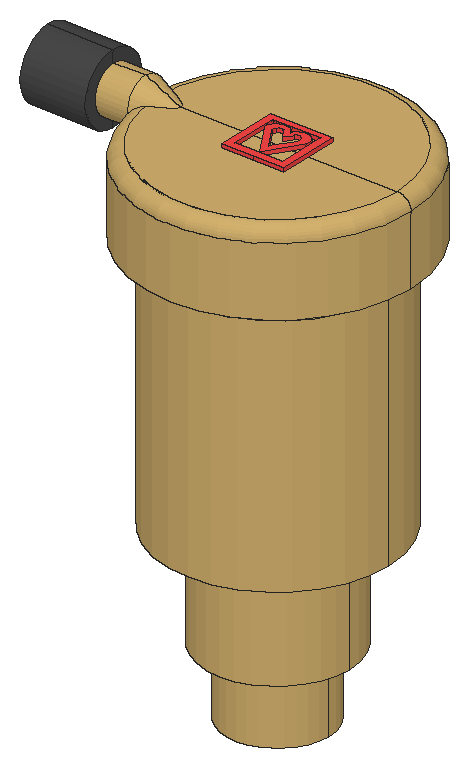
Revit family "Воздухоудалитель с функцией впуска и выпуска воздуха 2630 00 (01)", category Rohrzubehör, Revit 2019
Family settings
  Bemaßung runder Anschluss = Durchmesser verwenden
  Teiletyp = Normal
  OmniClass-Nummer = 23.65.55.14
  OmniClass-Titel = Valves for Liquid Services
  Arbeitsebenenbasiert = Nein
  Immer vertikal = Ja
  Beim Laden mit Abzugskörper schneiden = Nein
  Gemeinsam genutzt = Nein
Parameters
  Номер заказа [instance] = if(Nennweite AG = 10.000 mm, 1263000, if(Nennweite AG = 15.000 mm, 1263001, 0))  # 1263001
  URL = "www.herz-armaturen.ru"
  Поплавок = "полипропилен\r\n"  # constant formula
  SW = 10.500 mm  # constant formula
  SCRNSEQ = "AWI;AWI_TYP=\"1013\";1"
  SCRNCODE = "05;14;01"  # constant formula
  S05 = 25.300 mm  # constant formula
  S04 = SW * 2  # 21.000 mm
  S03 = 11.000 mm  # constant formula
  S02 = 24.500 mm  # constant formula
  S01 = 59.000 mm  # constant formula
  Обратный клапан = "латунь CW617N, EN 12165"  # constant formula
  R01 = 2.000 mm  # constant formula
  Nennweite AG [instance] = 15.000 mm
  Мин. рабочая температура = 0 °C  # constant formula
  Среда = "Качество  теплоносителя в соответствии с ÖNORM H5195 и/или предписаниями VDI-Standard 2035.\nРазрешается использование смеси этилен или пропиленгликоля в соотношении 25-50% с водой. Прокладки EPDM могут быть подвержены воздействию минеральных смазочных масел, что может служить причиной выхода из строя данных уплотнений. Пожалуйста, обратитесь к документации производителя, при использовании этиленгликоля и пропиленгликоля в целях защиты от замерзания."
  Макс. давление на корпусе = 1200000.0 Pa  # constant formula
  Макс. рабочая температура = 110 °C  # constant formula
  Макс. рабочее давление = 800000.0 Pa  # constant formula
  L04 = L00 - L01  # 24.000 mm
  L03 = 13.500 mm  # constant formula
  L02 = 4.800 mm  # constant formula
  L01 = 9.500 mm  # constant formula
  L00 = 33.500 mm  # constant formula
  Hersteller = "Herz-Armaturen GmbH"  # constant formula
  H08 = 13.200 mm  # constant formula
  H06 = 25.300 mm  # constant formula
  H07 = 9.800 mm  # constant formula
  H05 = H00 - 1.000 mm  # 58.000 mm
  H04 = H03 - D03  # 57.900 mm
  H03 = 63.000 mm  # constant formula
  H02 = 9.500 mm  # constant formula
  H01 = 12.000 mm  # constant formula
  H00 = 59.000 mm  # constant formula
  Корпус = "штампованная латунь в соответствии с EN 12165, CW617N"  # constant formula
  G1 [instance] = Nennweite AG / 2  # 7.500 mm
  G = 5.000 mm  # constant formula
  Уплотнение = "NBR"  # constant formula
  Крышка корпуса = "штампованная латунь в соответствии с EN 12165, CW617N"  # constant formula
  D07 = 11.500 mm  # constant formula
  D06 = 4.000 mm  # constant formula
  D05 = 0.800 mm  # constant formula
  D04 = 3.400 mm  # constant formula
  D03 = 5.100 mm  # constant formula
  D02 = 19.500 mm  # constant formula
  D01 = 16.200 mm  # constant formula
  Наружная резьба подключения = "в соответствии с ISO 228"  # constant formula
  Область применения = "Воздухоотводчик используется для удаления воздуха в системах отопления и холодоснабжения. Клапаны должны быть размещены рядом с котлом или же в самых высоких точках системы, чтобы обеспечить удаление воздуха из системы."
  Колпачок = "полипропилен, цвет черный"  # constant formula
Reference planes
  plane 1 "Mitte (Vorne/hinten)": y = 0
  plane 2: z = 0
  plane 3 "Mitte (Links/rechts)": x = 0
Forms (mm)
  Revolve 1, solid, material "Messing", detail levels fine
    sketch origin (0, 0, 0) x (1, 0, 0) y (0, 0, 1)
      loop
        line (0, 0) -> (0, 59) -> (-17.5, 59)
        arc (-17.5, 59) -> (-18.914, 58.414) -> (-19.5, 57) r 2
        line (-19.5, 57) -> (-19.5, 47) -> (-18.2, 47)
        arc (-18.2, 47) -> (-16.786, 46.414) -> (-16.2, 45) r 2
        line (-16.2, 45) -> (-16.2, 9.5) -> (-5, 9.5) -> (-5, 0) -> (0, 0)
      axis (0, 59) -> (0, 0)
    angle from 0 to 360
  Revolve 2, solid, material "Kunststoff - schwarz", detail levels fine
    sketch origin (0, 0, 0) x (1, 0, 0) y (0, 0, 1)
      loop
        line (-33.5, 57.9) -> (-24, 57.9) -> (-24, 63) -> (-33.5, 63) -> (-33.5, 57.9)
      axis (-33.5, 57.9) -> (-24, 57.9)
    angle from 0 to 360
  Revolve 3, solid, material "Messing", detail levels fine
    sketch origin (0, 0, 0) x (1, 0, 0) y (0, 0, 1)
      loop
        line (-24, 57.9) -> (0, 57.9) -> (0, 58.7) -> (-13.5, 58.7) -> (-19.2, 61.3) -> (-24, 61.3) -> (-24, 57.9)
      axis (-24, 57.9) -> (0, 57.9)
    angle from 0 to 360
  Revolve 4, solid, material "Messing", detail levels fine
    sketch origin (0, 0, 0) x (1, 0, 0) y (0, 0, 1)
      loop
        line (-5, 9.5) -> (-11.5, 9.5) -> (-11.5, 7.2) -> (-10.5, 7.2) -> (-10.5, -6) -> (-7.5, -6) -> (-7.5, -15.8) -> (0, -15.8) -> (0, 0) -> (-5, 0) -> (-5, 9.5)
      axis (0, 9.5) -> (0, -15.8)
    angle from 0 to 360
Lines and regions (mm)
  model lines, detail levels coarse+medium
    curve 1: line (0, 0, 59) -> (11.455, 0, 47.545)
    curve 2: circle (0, 0, 34.5) r 11 normal (0, -1, 0)
    curve 3: line (-11.455, 0, 21.455) -> (0, 0, 10)
    curve 4: line (0, 0, 10) -> (11.455, 0, 21.455)
    curve 5: line (0, 0, 59) -> (0, 0, 45.5)
    curve 6: line (0, 0, 23.5) -> (0, 0, 9.5)
    curve 7: line (0, 0, 59) -> (-11.455, 0, 47.545)
    curve 8: line (-11.5, 0, 9.5) -> (9.5, 0, 9.5)
    curve 9: line (9.5, 0, 9.5) -> (-10.5, 0, -15.8)
    curve 10: line (-10.5, 0, -15.8) -> (10.5, 0, -15.8)
    curve 11: circle (-10.5, 0, -15.8) r 5 normal (0, -1, 0)
    curve 12: line (0, 0, 59) -> (0, -11.455, 47.545)
    curve 13: line (0, 0, 59) -> (0, 11.455, 47.545)
    curve 14: circle (0, 0, 34.5) r 11 normal (1, 0, 0)
    curve 15: line (0, 0, 10) -> (0, -11.455, 21.455)
    curve 16: line (0, 0, 10) -> (0, 11.455, 21.455)
    curve 18: line (0, -11.5, 9.5) -> (0, 9.5, 9.5)
    curve 19: line (0, 9.5, 9.5) -> (0, -10.5, -15.8)
    curve 20: line (0, -10.5, -15.8) -> (0, 10.5, -15.8)
    curve 21: circle (0, -10.5, -15.8) r 5 normal (1, 0, 0)
    curve 22: line (-9.5, 0, 0) -> (11.5, 0, 0)
    curve 23: line (-9.5, 0, 0) -> (9.5, 25.3, 0)
    curve 24: line (9.5, 25.3, 0) -> (-11.5, 25.3, 0)
    curve 25: circle (-9.5, 0, 0) r 5 normal (0, 0, 1)
    curve 26: line (0, 84.3, 0) -> (-11.455, 72.845, 0)
    curve 27: line (0, 84.3, 0) -> (11.455, 72.845, 0)
    curve 28: circle (0, 59.8, 0) r 11 normal (0, 0, 1)
    curve 29: line (0, 35.3, 0) -> (-11.455, 46.755, 0)
    curve 30: line (0, 35.3, 0) -> (11.455, 46.755, 0)
    curve 31: line (0, 84.3, 0) -> (0, 70.8, 0)
    curve 32: line (0, 48.8, 0) -> (0, 25.3, 0)
  model lines
    curve 17: line (0, 10.954, 33.496) -> (0, 10.954, 0)
Dimensions and locks
  "G": Revolve 1 sketch curve to Revolve 1 sketch curve
  "H00": Revolve 1 sketch curve to Revolve 1 sketch curve
  "D01": Revolve 1 sketch curve to Revolve 1 sketch curve
  "D02": Revolve 1 sketch curve to Revolve 1 sketch curve
  "H02": Revolve 1 sketch curve to Revolve 1 sketch curve
  "H01": Revolve 1 sketch curve to Revolve 1 sketch curve
  "D03": Revolve 2 sketch curve to Revolve 2 sketch curve
  "L01": Revolve 2 sketch curve to Revolve 2 sketch curve
  "L00": Revolve 2 sketch curve to plane 3 "Mitte (Links/rechts)"
  "D04": Revolve 3 sketch curve to Revolve 3 sketch curve
  "L02": Revolve 3 sketch curve to Revolve 3 sketch curve
  "L03": Revolve 3 sketch curve to plane 3 "Mitte (Links/rechts)"
  "L04": Revolve 3 sketch curve to plane 3 "Mitte (Links/rechts)"
  "D05": Revolve 3 sketch curve to Revolve 3 sketch curve
  "H03": Revolve 2 sketch curve to plane 2
  "H04": Revolve 3 sketch curve to plane 2
  "H05": nested 1 to plane 2
  "H06": Revolve 4 sketch curve to Revolve 4 sketch curve
  "G1": Revolve 4 sketch curve to Revolve 4 sketch curve
  "H02": Revolve 4 sketch curve to Revolve 4 sketch curve
  "G": Revolve 4 sketch curve to Revolve 4 sketch curve
  "D07": Revolve 4 sketch curve to Revolve 4 sketch curve
  "SW": Revolve 4 sketch curve to Revolve 4 sketch curve
  "H08": Revolve 4 sketch curve to Revolve 4 sketch curve
  "S01": curve 5 to plane 2
  "S02": curve 5 to curve 2 to curve 4
  "D01": curve 7 to curve 7
  "D01": curve 1 to curve 1
  "D01": curve 3 to curve 3
  "D01": curve 4 to curve 4
  "S04": curve 8 to curve 9
  "S05": curve 8 to curve 10
  "S04": curve 10 to curve 9
  "S01": curve 13 to plane 2
  "S02": curve 13 to curve 14 to curve 16
  "D01": curve 12 to curve 12
  "D01": curve 13 to curve 13
  "D01": curve 15 to curve 15
  "D01": curve 16 to curve 16
  "S04": curve 18 to curve 19
  "S04": curve 20 to curve 20
  "S05": curve 20 to curve 18
  "S04": curve 24 to curve 24
  "S04": curve 22 to curve 23
  "S05": curve 24 to curve 22
  "S01": curve 31 to curve 32
  "S02": curve 31 to curve 28 to curve 30
  "D01": curve 26 to curve 26
  "D01": curve 27 to curve 27
  "D01": curve 29 to curve 29
  "D01": curve 30 to curve 30
  "H07": Revolve 4 sketch curve to Revolve 4 sketch curve
  equal spacing: curve 10, plane 3 "Mitte (Links/rechts)", curve 10
  equal spacing: curve 20, plane 1 "Mitte (Vorne/hinten)", curve 20
  "R01": radius of Revolve 1 sketch curve  (x2)
  "S03": radius of curve 2
  "S03": radius of curve 14
  "S03": radius of curve 28
  angle curve 5 to curve 1 = 45.00°
  angle curve 7 to curve 5 = 45.00°
  angle curve 6 to curve 3 = 45.00°
  angle curve 4 to curve 6 = 45.00°
  angle curve 12 to plane 1 "Mitte (Vorne/hinten)" = 45.00°
  angle plane 1 "Mitte (Vorne/hinten)" to curve 13 = 45.00°
  angle plane 1 "Mitte (Vorne/hinten)" to curve 15 = 45.00°
  angle curve 16 to plane 1 "Mitte (Vorne/hinten)" = 45.00°
  angle curve 26 to curve 31 = 45.00°
  angle curve 31 to curve 27 = 45.00°
  angle curve 32 to curve 29 = 45.00°
  angle curve 30 to curve 32 = 45.00°
  aligned and locked: level to plane 2
Automatic sketch dimensions
  curve 16 to plane 1 "Mitte (Vorne/hinten)" = 0.000 mm
  curve 13 to plane 1 "Mitte (Vorne/hinten)" = 0.000 mm
  curve 14 to plane 1 "Mitte (Vorne/hinten)" = 0.000 mm
  curve 17 to level = 0.000 mm
  curve 21 to curve 19 = 0.000 mm
  curve 18 to plane 1 "Mitte (Vorne/hinten)" = 9.500 mm
  curve 21 to level = 15.800 mm
  curve 19 to curve 21 = 0.000 mm
  curve 17 to plane 1 "Mitte (Vorne/hinten)" = 10.954 mm
  curve 3 to plane 3 "Mitte (Links/rechts)" = 0.000 mm
  curve 5 to plane 3 "Mitte (Links/rechts)" = 0.000 mm
  curve 6 to plane 3 "Mitte (Links/rechts)" = 0.000 mm
  curve 2 to plane 3 "Mitte (Links/rechts)" = 0.000 mm
  curve 11 to curve 9 = 0.000 mm  (x2)
  plane 3 "Mitte (Links/rechts)" to curve 9 = 9.500 mm
  level to curve 8 = 9.500 mm
  plane 1 "Mitte (Vorne/hinten)" to curve 25 = 0.000 mm
  plane 1 "Mitte (Vorne/hinten)" to curve 22 = 0.000 mm
  curve 31 to plane 3 "Mitte (Links/rechts)" = 0.000 mm
  curve 32 to plane 3 "Mitte (Links/rechts)" = 0.000 mm
  curve 28 to plane 3 "Mitte (Links/rechts)" = 0.000 mm
  curve 29 to plane 3 "Mitte (Links/rechts)" = 0.000 mm
  curve 25 to plane 3 "Mitte (Links/rechts)" = 9.500 mm
  curve 22 to curve 25 = 0.000 mm
  plane 3 "Mitte (Links/rechts)" to curve 24 = 9.500 mm
  Revolve 1 sketch curve to level = 0.000 mm
  Revolve 1 sketch curve to plane 3 "Mitte (Links/rechts)" = 0.000 mm  (x2)
  Revolve 1 sketch curve to level = 2000.000 mm
  Revolve 1 sketch curve to Revolve 1 sketch curve = 1937.000 mm
  Revolve 2 sketch curve to Revolve 2 sketch curve = 0.000 mm  (x3)
  Revolve 3 sketch curve to plane 3 "Mitte (Links/rechts)" = 0.000 mm
  Revolve 3 sketch curve to Revolve 3 sketch curve = 0.212 mm
  Revolve 3 sketch curve to plane 3 "Mitte (Links/rechts)" = 0.539 mm
  Revolve 3 sketch curve to Revolve 3 sketch curve = 0.000 mm
  Revolve 4 sketch curve to level = 0.000 mm
  Revolve 4 sketch curve to plane 3 "Mitte (Links/rechts)" = 0.000 mm  (x2)
  Revolve 4 sketch curve to Revolve 4 sketch curve = 346.545 mm
  Revolve 4 sketch curve to Revolve 4 sketch curve = 2204.815 mm
  radius of curve 21 = 5.000 mm
  radius of curve 11 = 5.000 mm
  radius of curve 25 = 5.000 mm
Nested families
  nested 1: "Herz-Logo" at (0, 0, 58), type "Herz-Logo", detail levels fine
Connectors
  piping at (0, 0, -15.8), diameter 15, driven by "Nennweite AG"
    settings: on Revolve 4, index 1, connector inside diameter 609.6 mm, connector length 0.000 mm, flow factor 0, pipe flow 0.0 L/s, pressure drop 0.0 Pa, fitting loss kfactor 0, connector angle 0.00°, fixture units 0, engagement length 0.000 mm, angle of deflection 0.00°, flow configuration 0, flow direction 0, fitting loss method 0, system type 7, joint type 0, gender type 0, connector reference index -1, connector utility 0, adjustable connector no, is connector primary yes, connector description ""
Definition of nested family "Herz-Logo"
  Reference planes
    plane 1 "Mitte (Vorne/hinten)": y = 0
    plane 2: z = 0
    plane 3 "Mitte (Links/rechts)": x = 0
  Forms (mm)
    Extrusion 1, solid
      sketch origin (0, 0, 0) x (1, 0, 0) y (0, 1, 0)
        loop
          line (-0.018, -4.517) -> (4.482, -4.517) -> (4.482, 4.483) -> (-4.518, 4.483) -> (-4.518, -4.517) -> (-0.018, -4.517)
        loop
          line (-0.05, -3.48) -> (3.482, -3.48) -> (3.482, 3.483) -> (-3.518, 3.483) -> (-3.518, -3.48) -> (-0.05, -3.48)
        loop
          arc (-0.018, 2.383) -> (-1.543, 3.287) -> (-3.067, 2.383) r 1.738
          arc (-3.067, 2.383) -> (-3.191, 1.899) -> (-3.067, 1.415) r 1.009
          line (-3.067, 1.415) -> (-0.018, -3.281) -> (3.032, 1.415)
          arc (3.032, 1.415) -> (3.156, 1.899) -> (3.032, 2.383) r 1.009
          arc (3.032, 2.383) -> (1.507, 3.287) -> (-0.018, 2.383) r 1.738
        loop
          arc (1.885, 1.272) -> (2.005, 1.675) -> (1.885, 2.079) r 0.74
          arc (1.885, 2.079) -> (1.265, 2.416) -> (0.644, 2.079) r 0.74
          line (0.644, 2.079) -> (-0.018, 0.97) -> (-0.679, 2.079)
          arc (-0.679, 2.079) -> (-1.3, 2.416) -> (-1.921, 2.079) r 0.74
          arc (-1.921, 2.079) -> (-2.04, 1.675) -> (-1.921, 1.272) r 0.74
          line (-1.921, 1.272) -> (-0.018, -1.658) -> (1.885, 1.272)
      from 0 to 1.5
  Dimensions and locks
    aligned and locked: level to plane 2
